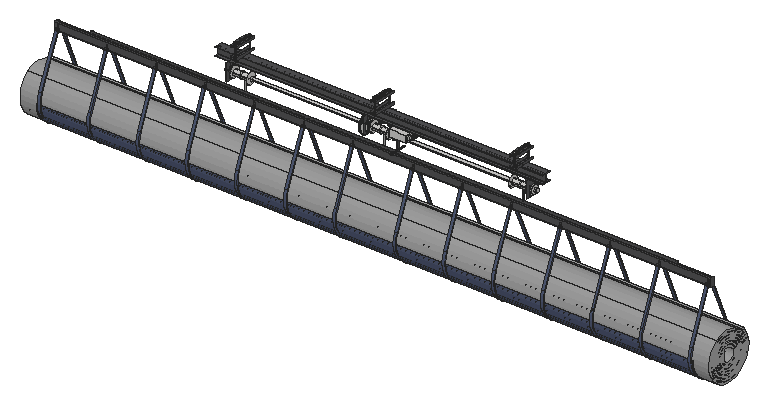
Revit family "Wrestling_Mat_Storage-PSS-4090", category Specialty Equipment, Revit 2017 (continued)
Definition of nested family "Wrestling_Mat_Storage-Hoist-PSS"
  Forms (in)
    Extrusion 57, solid, detail levels medium+fine
      sketch origin (23.0625, 5, 0) x (0, 1, 0) y (0, 0, 1)
        loop
          circle (-9.63644, 6.34421) r 0.125
        loop
          circle (-8.33741, 4.09421) r 0.125
        loop
          circle (-10.93548, 4.09421) r 0.125
      from 0 to 0.375
    Extrusion 58, solid, detail levels medium+fine
      sketch origin (23.0625, 5, 0) x (0, 1, 0) y (0, 0, 1)
        loop
          circle (-9.63644, 4.84421) r 0.375
        loop
          circle (-9.63644, 4.84421) r 0.625
      from 0 to 1
    Extrusion 59, solid, detail levels medium+fine
      sketch origin (10.5625, 5, 0) x (0, 1, 0) y (0, 0, -1)
        loop
          circle (-9.63644, -4.84421) r 1.25
        loop
          circle (-9.63644, -4.84421) r 0.625
      from 0 to 0.75
    Extrusion 60, solid, detail levels medium+fine
      sketch origin (10.5625, 5, 0) x (0, 1, 0) y (0, 0, -1)
        loop
          arc (-9.2615, -6.35091) -> (-9.19234, -6.10596) -> (-9.01154, -5.9268) r 0.5
          arc (-9.01154, -5.9268) -> (-9.63644, -6.09421) -> (-10.26134, -5.9268) r 1.25
          arc (-10.26134, -5.9268) -> (-10.08055, -6.10596) -> (-10.01138, -6.35091) r 0.5
          arc (-10.01138, -6.35091) -> (-9.63644, -6.71921) -> (-9.2615, -6.35091) r 0.375
        loop
          arc (-8.51908, -3.76615) -> (-8.76579, -3.82873) -> (-9.01134, -3.76174) r 0.5
          arc (-9.01134, -3.76174) -> (-8.55391, -4.21921) -> (-8.38644, -4.8441) r 1.25
          arc (-8.38644, -4.8441) -> (-8.32168, -4.59795) -> (-8.14414, -4.41557) r 0.5
          arc (-8.14414, -4.41557) -> (-8.01265, -3.90671) -> (-8.51908, -3.76615) r 0.375
        loop
          arc (-11.12875, -4.41557) -> (-10.95121, -4.59795) -> (-10.88644, -4.8441) r 0.5
          arc (-10.88644, -4.8441) -> (-10.71898, -4.21921) -> (-10.26154, -3.76174) r 1.25
          arc (-10.26154, -3.76174) -> (-10.5071, -3.82873) -> (-10.75381, -3.76615) r 0.5
          arc (-10.75381, -3.76615) -> (-11.26024, -3.90671) -> (-11.12875, -4.41557) r 0.375
        loop
          circle (-9.63644, -6.34421) r 0.125
        loop
          circle (-8.33741, -4.09421) r 0.125
        loop
          circle (-10.93548, -4.09421) r 0.125
      from 0 to 0.375
    Extrusion 61, solid, detail levels medium+fine
      sketch origin (10.5625, 5, 0) x (0, 1, 0) y (0, 0, -1)
        loop
          circle (-9.63644, -4.84421) r 0.375
        loop
          circle (-9.63644, -4.84421) r 0.625
      from 0 to 1
    Extrusion 62, solid, material <- "Superstructure Finish", detail levels medium+fine
      sketch origin (0, 2, 0) x (1, 0, 0) y (0, 1, 0)
        loop
          circle (9.6875, 0) r 0.5
        loop
          circle (9.6875, 0) r 0.375
      from -11 to 2
    Extrusion 63, solid, material <- "Superstructure Finish", detail levels medium+fine
      sketch origin (0, 2, 0) x (1, 0, 0) y (0, 1, 0)
        loop
          circle (9.6875, 0) r 0.5
        loop
          circle (9.6875, 0) r 0.6875
      from 0 to 7.25
    Extrusion 64, solid, material <- "Superstructure Finish", detail levels medium+fine
      sketch origin (9.625, 1.625, 5.33347) x (0, 1, 0) y (0, 0, 1)
        loop
          line (0, -8.58347) -> (0, -7.33347) -> (-1.375, -7.33347)
          arc (-1.375, -7.33347) -> (-2.34727, -6.93075) -> (-2.75, -5.95847) r 1.375
          line (-2.75, -5.95847) -> (-2.75, -0.33347)
          arc (-2.75, -0.33347) -> (-2.82322, -0.1567) -> (-3, -0.08347) r 0.25
          line (-3, -0.08347) -> (-3.75, -0.08347)
          arc (-3.75, -0.08347) -> (-3.92678, -0.1567) -> (-4, -0.33347) r 0.25
          line (-4, -0.33347) -> (-4, -5.95847)
          arc (-4, -5.95847) -> (-3.23116, -7.81463) -> (-1.375, -8.58347) r 2.625
          line (-1.375, -8.58347) -> (0, -8.58347)
        loop
          arc (-3.625, -0.45847) -> (-3.75, -0.58347) -> (-3.625, -0.70847) r 0.125
          line (-3.625, -0.70847) -> (-3.125, -0.70847)
          arc (-3.125, -0.70847) -> (-3, -0.58347) -> (-3.125, -0.45847) r 0.125
          line (-3.125, -0.45847) -> (-3.625, -0.45847)
      from 0 to 0.125
    Extrusion 65, solid, material <- "Superstructure Finish", detail levels medium+fine
      sketch origin (0, 2, 0.25) x (1, 0, 0) y (0, 0, 1)
        loop
          circle (9.6875, -11.25) r 0.5
        loop
          circle (9.6875, -11.25) r 0.375
      from -6 to 6
    Extrusion 66, solid, material <- "Superstructure Finish", detail levels medium+fine
      sketch origin (0, 0, 7.25) x (1, 0, 0) y (0, 1, 0)
        loop
          circle (-7.875, 10.0625) r 0.25
        loop
          circle (-1.375, 10.0625) r 0.25
        loop
          circle (-7.875, 5.1875) r 0.25
        loop
          circle (-1.375, 5.1875) r 0.25
        loop
          line (-9.625, 12.125) -> (-9.625, 3.125) -> (0.375, 3.125) -> (0.375, 12.125) -> (-9.625, 12.125)
      from 0 to 0.5
    Extrusion 67, solid, detail levels fine
      sketch origin (-6.55965, 3.63607, 0) x (1, 0, 0) y (0, 1, 0)
        loop
          circle (-1.31535, 6.42643) r 0.25
        loop
          circle (-1.31535, 1.55143) r 0.25
        loop
          circle (5.18465, 6.42643) r 0.25
        loop
          circle (5.18465, 1.55143) r 0.25
      from 6.625 to 8.375
    Extrusion 68, solid, detail levels fine
      sketch origin (0, 0, -4.625) x (0, -1, 0) y (1, 0, 0)
        loop
          line (-10.46875, -7.64045) -> (-10.46875, -8.10955) -> (-10.0625, -8.3441) -> (-9.65625, -8.10955) -> (-9.65625, -7.64045) -> (-10.0625, -7.4059) -> (-10.46875, -7.64045)
        loop
          line (-10.46875, -1.14045) -> (-10.46875, -1.60955) -> (-10.0625, -1.8441) -> (-9.65625, -1.60955) -> (-9.65625, -1.14045) -> (-10.0625, -0.9059) -> (-10.46875, -1.14045)
        loop
          line (-5.59375, -7.64045) -> (-5.59375, -8.10955) -> (-5.1875, -8.3441) -> (-4.78125, -8.10955) -> (-4.78125, -7.64045) -> (-5.1875, -7.4059) -> (-5.59375, -7.64045)
        loop
          line (-5.59375, -1.14045) -> (-5.59375, -1.60955) -> (-5.1875, -1.8441) -> (-4.78125, -1.60955) -> (-4.78125, -1.14045) -> (-5.1875, -0.9059) -> (-5.59375, -1.14045)
      from 11 to 11.25
    Extrusion 69, solid, detail levels fine
      sketch origin (0, 0, 11.625) x (0, -1, 0) y (1, 0, 0)
        loop
          circle (-6.5, 0) r 0.1875
        loop
          line (-6.78125, 0.16238) -> (-6.78125, -0.16238) -> (-6.5, -0.32476) -> (-6.21875, -0.16238) -> (-6.21875, 0.16238) -> (-6.5, 0.32476) -> (-6.78125, 0.16238)
        loop
          circle (6.5, 0) r 0.1875
        loop
          line (6.78125, 0.16238) -> (6.5, 0.32476) -> (6.21875, 0.16238) -> (6.21875, -0.16238) -> (6.5, -0.32476) -> (6.78125, -0.16238) -> (6.78125, 0.16238)
      from 11 to 11.25
Definition of nested family "Wrestling_Mat_Storage-Sling_Strap-PSS-4090"
  Parameters
    URL = "http://www.perfsports.com/"
    Superstructure Finish = none
    Sling Material = none
    Show Lower Sling = yes
    Manufacturer = "Performance Sports Systems"  # constant formula
    Description = "Sling Strap for Wrestling Mat Storage System"
    Default Elevation = 4' - 0"
    Created By = "Revitus"  # constant formula
    Creator URL = "http://www.revituspro.com/"
    Assembly Code = ""
  Reference planes (in)
    plane 1 "Center (Front/Back)": y = 0
    plane 2: z = 0
    plane 3 "Center (Left/Right)": x = 0
    plane 4: z = -18
    plane 5: z = 41.5
    plane 6: y = 1
    plane 7: y = -1
    plane 8: z = -78
    plane 9: z = -60
    plane 10: z = 44.5
  Forms (in)
    Sweep 1, solid, material <- "Superstructure Finish", detail levels medium+fine
      path origin (0, 0, 0) x (0, 1, 0) y (0, 0, 1)
        loop
          line (1.1875, 44.5) -> (1.1875, 42.375)
          arc (1.1875, 42.375) -> (1.875, 41.6875) -> (2.5625, 42.375) r 0.6875
          line (2.5625, 42.375) -> (2.5625, 43)
      profile origin (0, 1.1875, 43.4375) x (1, 0, 0) y (0, 1, 0)
        loop
          circle (0, 0) r 0.1875
    Sweep 2, solid, material <- "Superstructure Finish", detail levels medium+fine
      path origin (0, 0, 0) x (0, -1, 0) y (0, 0, 1)
        loop
          line (1.1875, 44.5) -> (1.1875, 42.375)
          arc (1.1875, 42.375) -> (1.875, 41.6875) -> (2.5625, 42.375) r 0.6875
          line (2.5625, 42.375) -> (2.5625, 43)
      profile origin (0, -1.1875, 43.4375) x (1, 0, 0) y (0, 1, 0)
        loop
          circle (0, 0) r 0.1875
    Extrusion 3, solid, material <- "Sling Material"
      sketch origin (0, 0, 0) x (0, 1, 0) y (0, 0, 1)
        loop
          line (-16.69533, 7.0556) -> (-1.73676, 42.45134) -> (-1.8519, 42.5) -> (-16.81047, 7.10426)
          arc (-16.81047, 7.10426) -> (0, -18.25) -> (16.81047, 7.10426) r 18.25
          line (16.81047, 7.10426) -> (1.8519, 42.5) -> (1.73676, 42.45134) -> (16.69533, 7.0556)
          arc (16.69533, 7.0556) -> (0, -18.125) -> (-16.69533, 7.0556) r 18.125
      from -1 to 1
    Extrusion 4, solid, material <- "Sling Material", visible <- "Show Lower Sling"
      sketch origin (0, 0, 0) x (0, 1, 0) y (0, 0, 1)
        loop
          line (-18.25, -60) -> (-18.25, 0)
          arc (-18.25, 0) -> (-17.8865, 3.62432) -> (-16.81047, 7.10426) r 18.25
          line (-16.81047, 7.10426) -> (-1.8519, 42.5) -> (-1.96704, 42.54866) -> (-16.92561, 7.15292)
          arc (-16.92561, 7.15292) -> (-18.00901, 3.64914) -> (-18.375, 0) r 18.375
          line (-18.375, 0) -> (-18.375, -60)
          arc (-18.375, -60) -> (0, -78.375) -> (18.375, -60) r 18.375
          line (18.375, -60) -> (18.375, 0)
          arc (18.375, 0) -> (18.00901, 3.64914) -> (16.92561, 7.15292) r 18.375
          line (16.92561, 7.15292) -> (1.96704, 42.54866) -> (1.8519, 42.5) -> (16.81047, 7.10426)
          arc (16.81047, 7.10426) -> (17.8865, 3.62432) -> (18.25, 0) r 18.25
          line (18.25, 0) -> (18.25, -60)
          arc (18.25, -60) -> (0, -78.25) -> (-18.25, -60) r 18.25
      from -1 to 1
  Dimensions and locks (in)
    locked: level to plane 4 at 18
    plane 5 to plane 4 to plane 8 = 4' - 11 1/2" locked, 5' - 0" locked
    locked: plane 9 to plane 8 at 18
    aligned and locked: level to plane 2
Types (3): name | Show Lower Sling | Model | BIM Version
  (no name) | no | "4090" | "v3.1"
  4090 - Single Sling | no | "4090" | "v3.1"
  4090DS - Double Sling Vertical | yes | "4090DS" | "v1.1"
